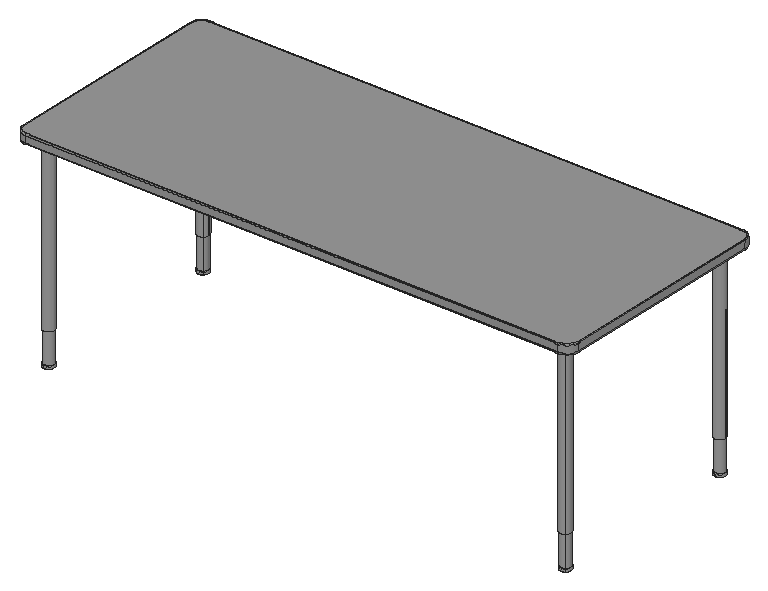
Revit family "Hierarchy Activity 72x30", category Generic Models, Revit 2018
Family settings
  Can host rebar = No
  Round Connector Dimension = Use Diameter
  Part Type = Normal
  Work Plane-Based = No
  Always vertical = Yes
  Cut with Voids When Loaded = No
  Shared = No
  Room Calculation Point = No
Parameters
  Table Height = 2' - 2 1/2"
  Surface = Hierarchy Activity 7230 Surface
  Leg Finish = Shapes Leg Platinum
  Edgeband = Hierarchy Activity 7230 Edgeband
  Caster/Glider = Shapes Leg - Glider : Shapes Leg - Glider
Reference planes (in)
  plane 1 "Center (Front/Back)": y = 0
  plane 2: z = 0
  plane 3 "Center (Left/Right)": x = 0
  plane 4: z = 26.5
Dimensions and locks (in)
  "Table Height": plane 4 to level
  aligned and locked: plane 2 to level
  aligned and locked: nested 1 to plane 4
Nested families (in)
  nested 1: "Activity 72x30 Tabletop" at (0, 0, 2.575), type "Activity 72x30 Tabletop"
  nested 2: "Shapes Leg - Glider" at (33.51636, 12.51949, 0) x (0.7071, 0.7071, 0) z (0, 0, 1), Leg Height <- "Table Height", Shapes Leg Finish <- "Leg Finish", type <- "Caster/Glider", type "Shapes Leg - Glider"
    with Shapes Leg Finish Shapes Leg Platinum, Leg Height 2' - 2 1/2"
  nested 3: "Shapes Leg - Glider" at (-33.51636, 12.51949, 0) x (-0.7071, 0.7071, 0) z (0, 0, 1), Leg Height <- "Table Height", Shapes Leg Finish <- "Leg Finish", type "Shapes Leg - Glider"
    with Shapes Leg Finish Shapes Leg Platinum, Leg Height 2' - 2 1/2"
  nested 4: "Shapes Leg - Glider" at (33.51636, -12.51949, 0) x (0.7071, -0.7071, 0) z (0, 0, 1), Leg Height <- "Table Height", Shapes Leg Finish <- "Leg Finish", type <- "Caster/Glider", type "Shapes Leg - Glider"
    with Shapes Leg Finish Shapes Leg Platinum, Leg Height 2' - 2 1/2"
  nested 5: "Shapes Leg - Glider" at (-33.51636, -12.51949, 0) x (-0.7071, -0.7071, 0) z (0, 0, 1), Leg Height <- "Table Height", Shapes Leg Finish <- "Leg Finish", type "Shapes Leg - Glider"
    with Shapes Leg Finish Shapes Leg Platinum, Leg Height 2' - 2 1/2"
Definition of nested family "Activity 72x30 Tabletop"
  Parameters (values of type "Activity 72x30 Tabletop")
    Surface = none
    Edgeband = none
  Reference planes (in)
    plane 1 "Center (Front/Back)": y = 0
    plane 2: z = 0
    plane 3 "Center (Left/Right)": x = 0
  Forms (in)
    Extrusion 1, solid, material <- "Surface"
      sketch origin (0, -3, 0) x (1, 0, 0) y (0, 1, 0)
        loop
          line (34.5, 17.88189) -> (-34.5, 17.88189)
          arc (-34.5, 17.88189) -> (-35.47714, 17.47714) -> (-35.88189, 16.5) r 1.38189
          line (-35.88189, 16.5) -> (-35.88189, -10.5)
          arc (-35.88189, -10.5) -> (-35.47714, -11.47714) -> (-34.5, -11.88189) r 1.38189
          line (-34.5, -11.88189) -> (34.5, -11.88189)
          arc (34.5, -11.88189) -> (35.47714, -11.47714) -> (35.88189, -10.5) r 1.38189
          line (35.88189, -10.5) -> (35.88189, 16.5)
          arc (35.88189, 16.5) -> (35.47714, 17.47714) -> (34.5, 17.88189) r 1.38189
      from 23.925 to 25.125
    Sweep 2, solid, material <- "Edgeband"
      path origin (0, -3, 0) x (1, 0, 0) y (0, 1, 0)
        loop
          line (34.5, 17.88189) -> (-34.5, 17.88189)
          arc (-34.5, 17.88189) -> (-35.47714, 17.47714) -> (-35.88189, 16.5) r 1.38189
          line (-35.88189, 16.5) -> (-35.88189, -10.5)
          arc (-35.88189, -10.5) -> (-35.47714, -11.47714) -> (-34.5, -11.88189) r 1.38189
          line (-34.5, -11.88189) -> (34.5, -11.88189)
          arc (34.5, -11.88189) -> (35.47714, -11.47714) -> (35.88189, -10.5) r 1.38189
          line (35.88189, -10.5) -> (35.88189, 16.5)
          arc (35.88189, 16.5) -> (35.47714, 17.47714) -> (34.5, 17.88189) r 1.38189
      profile origin (0, 14.88189, 0) x (0, -1, 0) y (0, 0, 1)
        loop
          arc (0, 25.125) -> (-0.08352, 25.09041) -> (-0.11811, 25.00689) r 0.11811
          line (-0.11811, 25.00689) -> (-0.11811, 24.04311)
          arc (-0.11811, 24.04311) -> (-0.08352, 23.95959) -> (0, 23.925) r 0.11811
          line (0, 23.925) -> (0, 25.125)
  Dimensions and locks (in)
    aligned and locked: plane 2 to level
Definition of nested family "Shapes Leg - Glider"
  Parameters (values of type "Shapes Leg - Glider")
    Shapes Leg Finish [instance] = none
    Leg Height [instance] = 2' - 4 1/2"
  Reference planes (in)
    plane 1 "Center (Front/Back)": y = 0
    plane 2: z = 0
    plane 3 "Center (Left/Right)": x = 0
  Forms (in)
    Extrusion 1, solid
      sketch origin (-0.01562, 0, 0) x (1, 0, 0) y (0, 1, 0)
        loop
          circle (0.01563, 0) r 0.64906
      from 0.50586 to 20.17439
  Dimensions and locks (in)
    "Leg Height": nested 2 to level
    aligned and locked: plane 2 to level
  Automatic sketch dimensions
    plane 1 "Center (Front/Back)" to Extrusion 1 sketch curve = 0' - 0"
    Extrusion 1 sketch curve to plane 3 "Center (Left/Right)" = 0' - 0"
    radius of Extrusion 1 sketch curve = 0' - 0.64906"
  Nested families (in)
    nested 1: "Glider" at (0, 0, 0), type "Glider"
    nested 2: "Shapes Upper Leg" at (0, 0, 0), Shapes Leg Finish <- "Shapes Leg Finish", type "Shapes Upper Leg"
      with Shapes Leg Finish none
  Definition of nested family "Glider"
    Reference planes (in)
      plane 1 "Center (Front/Back)": y = 0
      plane 2: z = 0
      plane 3 "Center (Left/Right)": x = 0
    Forms (in)
      Revolve 1, solid
        sketch origin (0, 0, 0) x (1, 0, 0) y (0, 0, 1)
          loop
            line (0.26614, 0.50586) -> (0, 0.50586) -> (0, 0.09994) -> (0.71656, 0.09994) -> (0.71656, 0.37634)
            arc (0.71656, 0.37634) -> (0.70181, 0.41548) -> (0.66511, 0.43552) r 0.06011
            arc (0.66511, 0.43552) -> (0.46609, 0.45951) -> (0.26614, 0.47365) r 4.06535
            line (0.26614, 0.47365) -> (0.26614, 0.50586)
          axis (0, 0.50586) -> (0, 0.09994)
        angle from 0 to 360
      Revolve 2, solid
        sketch origin (0, 0, 0) x (1, 0, 0) y (0, 0, 1)
          loop
            line (0.65534, 0.1212) -> (0, 0.1212) -> (0, 0) -> (0.57593, 0)
            arc (0.57593, 0) -> (0.63208, 0.02326) -> (0.65534, 0.07941) r 0.07941
            line (0.65534, 0.07941) -> (0.65534, 0.1212)
          axis (0, 0.1212) -> (0, 0)
        angle from 0 to 360
    Dimensions and locks (in)
      aligned and locked: plane 2 to level
  Definition of nested family "Shapes Upper Leg"
    Parameters (values of type "Shapes Upper Leg")
      Shapes Leg Finish [instance] = none
    Reference planes (in)
      plane 1 "Center (Front/Back)": y = 0
      plane 2: z = 0
      plane 3 "Center (Left/Right)": x = 0
    Forms (in)
      Extrusion 1, solid, material <- "Shapes Leg Finish"
        sketch origin (0, 0, 0) x (1, 0, 0) y (0, 1, 0)
          loop
            circle (0, 0) r 0.75
        from 6.5 to 28.5
    Dimensions and locks (in)
      aligned and locked: plane 2 to level
